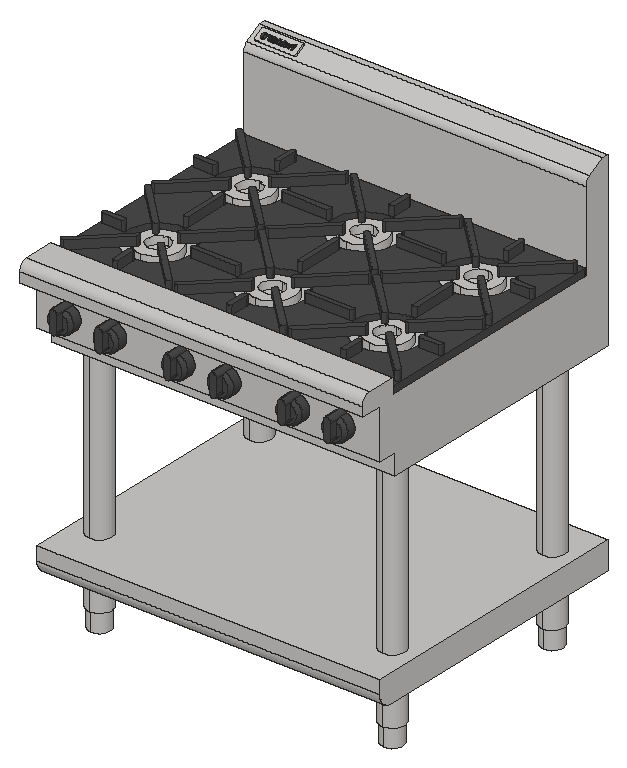
Revit family "QF_MOFFAT WALDORF_RN8600G-LS", category Specialty Equipment, Revit 2012
Parameters
  Weight in Pounds = 284.396
  URL Cutsheet = "www.moffat.com"
  URL = "www.moffat.com"
  Type Mark [instance] = ""
  Status [instance] = ""
  Specification by User [instance] = ""
  Specification by Manufacturer = ""
  Show Logo [instance] = yes
  Show Casters [instance] = no
  Serial Number = ""
  Seismic Rating = ""
  SMACNA No = ""
  Revision Code [instance] = ""
  Omniclass Number and Title = ""
  NAFEM Spec ID Number = ""
  Model = "RN8600G-LS"
  Mechanical Remarks [instance] = ""
  Mechanical Connection Type [instance] = ""
  Masterspec = ""
  Manufacturer = "MOFFAT WALDORF"
  Legs [instance] = not(Show Casters)  # yes
  Item Number [instance] = ""
  Installed By [instance] = ""
  Identify Quantity as Lot [instance] = yes
  Gas Size = 3/4"
  Gas RI Height [instance] = 0.0 mm
  Gas KW [instance] = 46.6
  Gas Input [instance] = 159233.0 Btu/h
  Gas Connection Height = 0.0 mm
  Furnished By [instance] = ""
  Foodservice Equipment Identifier [instance] = yes
  Description = "COOK TOP GAS ON LEG STAND"
  CSI MasterFormat = ""
  CSI Master Format = ""
  Body Height [instance] = 915.0 mm
  Base Height [instance] = 150.0 mm
Reference planes
  plane 1 "BACK": y = 0
  plane 2: z = 0
  plane 3 "LEFT": x = 0
  plane 4 "RIGHT": x = 900
  plane 5 "FRONT": y = -805
  plane 6 "TOP": z = 1130
  plane 7 "Center Y": x = 450
  plane 8 "Center X": y = -402.5
  plane 9 "Base Height": z = 150
  plane 10: z = 915
  plane 11: x = 65.8
  plane 12: x = 65
  plane 13: x = 835
Forms (mm)
  Extrusion 1, solid, material "QF_Finishes_Stainless Steel"
    sketch origin (0, 0, 600) x (0, 1, 0) y (0, 0, 1)
      loop
        line (-805, 291) -> (-805, 266) -> (-749, 266) -> (-749, 135) -> (-699, 135) -> (-699, 80) -> (0, 80) -> (0, 135) -> (0, 530) -> (-16.5, 530) -> (-58.709, 505.631)
        arc (-58.709, 505.631) -> (-66.975, 497.365) -> (-70, 486.074) r 22.582
        line (-70, 486.074) -> (-70, 275) -> (-705, 275) -> (-705, 315) -> (-781, 315)
        arc (-781, 315) -> (-797.971, 307.971) -> (-805, 291) r 24
      loop
        line (0, -377.5) -> (-749, -377.5) -> (-749, -412)
        arc (-749, -412) -> (-737.87, -438.87) -> (-711, -450) r 38
        line (-711, -450) -> (0, -450) -> (0, -377.5)
    from 0 to 900
  Revolve 2, solid, material "QF_Finishes_Black"
    sketch origin (210, 0, 600) x (0, -1, 0) y (0, 0, 1)
      loop
        line (782, 229.605) -> (759, 229.605) -> (759, 202.105) -> (749, 202.105) -> (749, 197.105) -> (793, 197.105) -> (793, 223.757) -> (782, 229.605)
      axis (793, 197.105) -> (749, 197.105)
    angle from 0 to 360
  Extrusion 3, solid, material "QF_Finishes_Black"
    sketch origin (-78.431, 0, 496.003) x (1, 0, 0) y (0, 0, 1)
      loop
        line (298.431, 289) -> (298.431, 327.997)
        arc (298.431, 327.997) -> (288.431, 337.997) -> (278.431, 327.997) r 10
        line (278.431, 327.997) -> (278.431, 289)
        arc (278.431, 289) -> (288.431, 279) -> (298.431, 289) r 10
    from 759 to 808
  Extrusion 4, solid, material "QF_Finishes_Stainless Steel"
    sketch origin (705, 3, 100) x (1, 0, 0) y (0, 1, 0)
      loop
        circle (65, -35) r 13.5
    from 555 to 580
  Revolve 5, solid, material "QF_Finishes_Black"
    sketch origin (89.999, 0, 599.873) x (0, 1, 0) y (0, 0, -1)
      loop
        line (-782, -229.5) -> (-759, -229.5) -> (-759, -202) -> (-749, -202) -> (-749, -197) -> (-793, -197) -> (-793, -223.651) -> (-782, -229.5)
      axis (-793, -197) -> (-749, -197)
    angle from 0 to 360
  Extrusion 6, solid, material "QF_Finishes_Black"
    sketch origin (228.269, 0, 600.031) x (-1, 0, 0) y (0, 0, -1)
      loop
        arc (148.269, -184.969) -> (138.269, -174.969) -> (128.269, -184.969) r 10
        line (128.269, -184.969) -> (128.269, -223.969)
        arc (128.269, -223.969) -> (138.269, -233.969) -> (148.269, -223.969) r 10
        line (148.269, -223.969) -> (148.269, -184.969)
    from 759 to 808
  Extrusion 7, solid, material "QF_Finishes_Black"
    sketch origin (0, -70, 875) x (0, -1, 0) y (1, 0, 0)
      loop
        arc (1, 4) -> (1.879, 1.879) -> (4, 1) r 3
        line (4, 1) -> (631, 1)
        arc (631, 1) -> (633.121, 1.879) -> (634, 4) r 3
        line (634, 4) -> (634, 896)
        arc (634, 896) -> (633.121, 898.121) -> (631, 899) r 3
        line (631, 899) -> (4, 899)
        arc (4, 899) -> (1.879, 898.121) -> (1, 896) r 3
        line (1, 896) -> (1, 4)
      loop
        circle (167.5, 150) r 84.082
      loop
        circle (467.5, 150) r 84.082
      loop
        circle (467.5, 750) r 84.082
      loop
        circle (167.5, 750) r 84.082
      loop
        circle (167.5, 450) r 84.082
      loop
        circle (467.5, 450) r 84.082
    from 0 to 19.5
  Extrusion 8, solid, material "QF_Finishes_Black"
    sketch origin (0, -70, 894.5) x (0, -1, 0) y (1, 0, 0)
      loop
        spline (323.602, 15.153) -> (322.681, 13.924) -> (322.131, 12.47) -> (321.99, 10.89) -> (322.267, 9.292) -> (322.943, 7.786) -> (323.973, 6.473) -> (325.286, 5.443) -> (326.792, 4.767) -> (328.39, 4.49) -> (329.97, 4.631) -> (331.424, 5.181) -> (332.653, 6.102)
        line (332.653, 6.102) -> (440.576, 114.025)
        spline (440.576, 114.025) -> (441.337, 115.095) -> (441.738, 116.399) -> (441.751, 117.851) -> (441.375, 119.35) -> (440.637, 120.795) -> (439.586, 122.086) -> (438.295, 123.137) -> (436.85, 123.875) -> (435.351, 124.251) -> (433.899, 124.238) -> (432.595, 123.837) -> (431.525, 123.076)
        line (431.525, 123.076) -> (323.602, 15.153)
      loop
        spline (259.398, 156.4) -> (258.104, 156.182) -> (256.898, 155.543) -> (255.862, 154.525) -> (255.068, 153.2) -> (254.568, 151.656) -> (254.398, 150) -> (254.568, 148.344) -> (255.068, 146.8) -> (255.862, 145.475) -> (256.898, 144.457) -> (258.104, 143.818) -> (259.398, 143.6)
        line (259.398, 143.6) -> (375.602, 143.6)
        spline (375.602, 143.6) -> (376.896, 143.818) -> (378.102, 144.457) -> (379.138, 145.475) -> (379.932, 146.8) -> (380.432, 148.344) -> (380.602, 150) -> (380.432, 151.656) -> (379.932, 153.2) -> (379.138, 154.525) -> (378.102, 155.543) -> (376.896, 156.182) -> (375.602, 156.4)
        line (375.602, 156.4) -> (259.398, 156.4)
      loop
        spline (608.602, 143.6) -> (609.896, 143.818) -> (611.102, 144.457) -> (612.138, 145.475) -> (612.932, 146.8) -> (613.432, 148.344) -> (613.602, 150) -> (613.432, 151.656) -> (612.932, 153.2) -> (612.138, 154.525) -> (611.102, 155.543) -> (609.896, 156.182) -> (608.602, 156.4)
        line (608.602, 156.4) -> (559.398, 156.4)
        spline (559.398, 156.4) -> (558.104, 156.182) -> (556.898, 155.543) -> (555.862, 154.525) -> (555.068, 153.2) -> (554.568, 151.656) -> (554.398, 150) -> (554.568, 148.344) -> (555.068, 146.8) -> (555.862, 145.475) -> (556.898, 144.457) -> (558.104, 143.818) -> (559.398, 143.6)
        line (559.398, 143.6) -> (608.602, 143.6)
      loop
        line (611.398, 15.153) -> (503.475, 123.076)
        spline (503.475, 123.076) -> (502.405, 123.837) -> (501.101, 124.238) -> (499.649, 124.251) -> (498.15, 123.875) -> (496.705, 123.137) -> (495.414, 122.086) -> (494.363, 120.795) -> (493.625, 119.35) -> (493.249, 117.851) -> (493.262, 116.399) -> (493.663, 115.095) -> (494.424, 114.025)
        line (494.424, 114.025) -> (602.347, 6.102)
        spline (602.347, 6.102) -> (603.416, 5.341) -> (604.721, 4.941) -> (606.172, 4.928) -> (607.671, 5.303) -> (609.116, 6.041) -> (610.408, 7.092) -> (611.459, 8.384) -> (612.197, 9.829) -> (612.572, 11.328) -> (612.559, 12.779) -> (612.159, 14.084) -> (611.398, 15.153)
      loop
        line (473.9, 8.898) -> (473.9, 58.102)
        spline (473.9, 58.102) -> (473.682, 59.396) -> (473.043, 60.602) -> (472.025, 61.638) -> (470.7, 62.432) -> (469.156, 62.932) -> (467.5, 63.102) -> (465.844, 62.932) -> (464.3, 62.432) -> (462.975, 61.638) -> (461.957, 60.602) -> (461.318, 59.396) -> (461.1, 58.102)
        line (461.1, 58.102) -> (461.1, 8.898)
        spline (461.1, 8.898) -> (461.318, 7.604) -> (461.957, 6.398) -> (462.975, 5.362) -> (464.3, 4.568) -> (465.844, 4.068) -> (467.5, 3.898) -> (469.156, 4.068) -> (470.7, 4.568) -> (472.025, 5.362) -> (473.043, 6.398) -> (473.682, 7.604) -> (473.9, 8.898)
      loop
        spline (23.602, 15.153) -> (22.681, 13.924) -> (22.131, 12.47) -> (21.99, 10.89) -> (22.267, 9.292) -> (22.943, 7.786) -> (23.973, 6.473) -> (25.286, 5.443) -> (26.792, 4.767) -> (28.39, 4.49) -> (29.97, 4.631) -> (31.424, 5.181) -> (32.653, 6.102)
        line (32.653, 6.102) -> (140.576, 114.025)
        spline (140.576, 114.025) -> (141.337, 115.095) -> (141.738, 116.399) -> (141.751, 117.851) -> (141.375, 119.35) -> (140.637, 120.795) -> (139.586, 122.086) -> (138.295, 123.137) -> (136.85, 123.875) -> (135.351, 124.251) -> (133.899, 124.238) -> (132.595, 123.837) -> (131.525, 123.076)
        line (131.525, 123.076) -> (23.602, 15.153)
      loop
        spline (26.398, 156.4) -> (25.104, 156.182) -> (23.898, 155.543) -> (22.862, 154.525) -> (22.068, 153.2) -> (21.568, 151.656) -> (21.398, 150) -> (21.568, 148.344) -> (22.068, 146.8) -> (22.862, 145.475) -> (23.898, 144.457) -> (25.104, 143.818) -> (26.398, 143.6)
        line (26.398, 143.6) -> (75.602, 143.6)
        spline (75.602, 143.6) -> (76.896, 143.818) -> (78.102, 144.457) -> (79.138, 145.475) -> (79.932, 146.8) -> (80.432, 148.344) -> (80.602, 150) -> (80.432, 151.656) -> (79.932, 153.2) -> (79.138, 154.525) -> (78.102, 155.543) -> (76.896, 156.182) -> (75.602, 156.4)
        line (75.602, 156.4) -> (26.398, 156.4)
      loop
        line (311.398, 15.153) -> (203.475, 123.076)
        spline (203.475, 123.076) -> (202.405, 123.837) -> (201.101, 124.238) -> (199.649, 124.251) -> (198.15, 123.875) -> (196.705, 123.137) -> (195.414, 122.086) -> (194.363, 120.795) -> (193.625, 119.35) -> (193.249, 117.851) -> (193.262, 116.399) -> (193.663, 115.095) -> (194.424, 114.025)
        line (194.424, 114.025) -> (302.347, 6.102)
        spline (302.347, 6.102) -> (303.416, 5.341) -> (304.721, 4.941) -> (306.172, 4.928) -> (307.671, 5.303) -> (309.116, 6.041) -> (310.408, 7.092) -> (311.459, 8.384) -> (312.197, 9.829) -> (312.572, 11.328) -> (312.559, 12.779) -> (312.159, 14.084) -> (311.398, 15.153)
      loop
        line (173.9, 8.898) -> (173.9, 58.102)
        spline (173.9, 58.102) -> (173.682, 59.396) -> (173.043, 60.602) -> (172.025, 61.638) -> (170.7, 62.432) -> (169.156, 62.932) -> (167.5, 63.102) -> (165.844, 62.932) -> (164.3, 62.432) -> (162.975, 61.638) -> (161.957, 60.602) -> (161.318, 59.396) -> (161.1, 58.102)
        line (161.1, 58.102) -> (161.1, 8.898)
        spline (161.1, 8.898) -> (161.318, 7.604) -> (161.957, 6.398) -> (162.975, 5.362) -> (164.3, 4.568) -> (165.844, 4.068) -> (167.5, 3.898) -> (169.156, 4.068) -> (170.7, 4.568) -> (172.025, 5.362) -> (173.043, 6.398) -> (173.682, 7.604) -> (173.9, 8.898)
      loop
        line (323.602, 284.847) -> (431.525, 176.924)
        spline (431.525, 176.924) -> (432.595, 176.163) -> (433.899, 175.762) -> (435.351, 175.749) -> (436.85, 176.125) -> (438.295, 176.863) -> (439.586, 177.914) -> (440.637, 179.205) -> (441.375, 180.65) -> (441.751, 182.149) -> (441.738, 183.601) -> (441.337, 184.905) -> (440.576, 185.975)
        line (440.576, 185.975) -> (332.653, 293.898)
        spline (332.653, 293.898) -> (331.424, 294.819) -> (329.97, 295.369) -> (328.39, 295.51) -> (326.792, 295.233) -> (325.286, 294.557) -> (323.973, 293.527) -> (322.943, 292.214) -> (322.267, 290.708) -> (321.99, 289.11) -> (322.131, 287.53) -> (322.681, 286.076) -> (323.602, 284.847)
      loop
        spline (611.398, 284.847) -> (612.159, 285.916) -> (612.559, 287.221) -> (612.572, 288.672) -> (612.197, 290.171) -> (611.459, 291.616) -> (610.408, 292.908) -> (609.116, 293.959) -> (607.671, 294.697) -> (606.172, 295.072) -> (604.721, 295.059) -> (603.416, 294.659) -> (602.347, 293.898)
        line (602.347, 293.898) -> (494.424, 185.975)
        spline (494.424, 185.975) -> (493.663, 184.905) -> (493.262, 183.601) -> (493.249, 182.149) -> (493.625, 180.65) -> (494.363, 179.205) -> (495.414, 177.914) -> (496.705, 176.863) -> (498.15, 176.125) -> (499.649, 175.749) -> (501.101, 175.762) -> (502.405, 176.163) -> (503.475, 176.924)
        line (503.475, 176.924) -> (611.398, 284.847)
      loop
        spline (461.1, 241.898) -> (461.318, 240.604) -> (461.957, 239.398) -> (462.975, 238.362) -> (464.3, 237.568) -> (465.844, 237.068) -> (467.5, 236.898) -> (469.156, 237.068) -> (470.7, 237.568) -> (472.025, 238.362) -> (473.043, 239.398) -> (473.682, 240.604) -> (473.9, 241.898)
        line (473.9, 241.898) -> (473.9, 358.102)
        spline (473.9, 358.102) -> (473.682, 359.396) -> (473.043, 360.602) -> (472.025, 361.638) -> (470.7, 362.432) -> (469.156, 362.932) -> (467.5, 363.102) -> (465.844, 362.932) -> (464.3, 362.432) -> (462.975, 361.638) -> (461.957, 360.602) -> (461.318, 359.396) -> (461.1, 358.102)
        line (461.1, 358.102) -> (461.1, 241.898)
      loop
        line (23.602, 284.847) -> (131.525, 176.924)
        spline (131.525, 176.924) -> (132.595, 176.163) -> (133.899, 175.762) -> (135.351, 175.749) -> (136.85, 176.125) -> (138.295, 176.863) -> (139.586, 177.914) -> (140.637, 179.205) -> (141.375, 180.65) -> (141.751, 182.149) -> (141.738, 183.601) -> (141.337, 184.905) -> (140.576, 185.975)
        line (140.576, 185.975) -> (32.653, 293.898)
        spline (32.653, 293.898) -> (31.424, 294.819) -> (29.97, 295.369) -> (28.39, 295.51) -> (26.792, 295.233) -> (25.286, 294.557) -> (23.973, 293.527) -> (22.943, 292.214) -> (22.267, 290.708) -> (21.99, 289.11) -> (22.131, 287.53) -> (22.681, 286.076) -> (23.602, 284.847)
      loop
        spline (311.398, 284.847) -> (312.159, 285.916) -> (312.559, 287.221) -> (312.572, 288.672) -> (312.197, 290.171) -> (311.459, 291.616) -> (310.408, 292.908) -> (309.116, 293.959) -> (307.671, 294.697) -> (306.172, 295.072) -> (304.721, 295.059) -> (303.416, 294.659) -> (302.347, 293.898)
        line (302.347, 293.898) -> (194.424, 185.975)
        spline (194.424, 185.975) -> (193.663, 184.905) -> (193.262, 183.601) -> (193.249, 182.149) -> (193.625, 180.65) -> (194.363, 179.205) -> (195.414, 177.914) -> (196.705, 176.863) -> (198.15, 176.125) -> (199.649, 175.749) -> (201.101, 175.762) -> (202.405, 176.163) -> (203.475, 176.924)
        line (203.475, 176.924) -> (311.398, 284.847)
      loop
        spline (173.9, 358.102) -> (173.682, 359.396) -> (173.043, 360.602) -> (172.025, 361.638) -> (170.7, 362.432) -> (169.156, 362.932) -> (167.5, 363.102) -> (165.844, 362.932) -> (164.3, 362.432) -> (162.975, 361.638) -> (161.957, 360.602) -> (161.318, 359.396) -> (161.1, 358.102)
        line (161.1, 358.102) -> (161.1, 241.898)
        spline (161.1, 241.898) -> (161.318, 240.604) -> (161.957, 239.398) -> (162.975, 238.362) -> (164.3, 237.568) -> (165.844, 237.068) -> (167.5, 236.898) -> (169.156, 237.068) -> (170.7, 237.568) -> (172.025, 238.362) -> (173.043, 239.398) -> (173.682, 240.604) -> (173.9, 241.898)
        line (173.9, 241.898) -> (173.9, 358.102)
      loop
        spline (323.602, 315.153) -> (322.681, 313.924) -> (322.131, 312.47) -> (321.99, 310.89) -> (322.267, 309.292) -> (322.943, 307.786) -> (323.973, 306.473) -> (325.286, 305.443) -> (326.792, 304.767) -> (328.39, 304.49) -> (329.97, 304.631) -> (331.424, 305.181) -> (332.653, 306.102)
        line (332.653, 306.102) -> (440.576, 414.025)
        spline (440.576, 414.025) -> (441.337, 415.095) -> (441.738, 416.399) -> (441.751, 417.851) -> (441.375, 419.35) -> (440.637, 420.795) -> (439.586, 422.086) -> (438.295, 423.137) -> (436.85, 423.875) -> (435.351, 424.251) -> (433.899, 424.238) -> (432.595, 423.837) -> (431.525, 423.076)
        line (431.525, 423.076) -> (323.602, 315.153)
      loop
        spline (259.398, 456.4) -> (258.104, 456.182) -> (256.898, 455.543) -> (255.862, 454.525) -> (255.068, 453.2) -> (254.568, 451.656) -> (254.398, 450) -> (254.568, 448.344) -> (255.068, 446.8) -> (255.862, 445.475) -> (256.898, 444.457) -> (258.104, 443.818) -> (259.398, 443.6)
        line (259.398, 443.6) -> (375.602, 443.6)
        spline (375.602, 443.6) -> (376.896, 443.818) -> (378.102, 444.457) -> (379.138, 445.475) -> (379.932, 446.8) -> (380.432, 448.344) -> (380.602, 450) -> (380.432, 451.656) -> (379.932, 453.2) -> (379.138, 454.525) -> (378.102, 455.543) -> (376.896, 456.182) -> (375.602, 456.4)
        line (375.602, 456.4) -> (259.398, 456.4)
      loop
        spline (608.602, 443.6) -> (609.896, 443.818) -> (611.102, 444.457) -> (612.138, 445.475) -> (612.932, 446.8) -> (613.432, 448.344) -> (613.602, 450) -> (613.432, 451.656) -> (612.932, 453.2) -> (612.138, 454.525) -> (611.102, 455.543) -> (609.896, 456.182) -> (608.602, 456.4)
        line (608.602, 456.4) -> (559.398, 456.4)
        spline (559.398, 456.4) -> (558.104, 456.182) -> (556.898, 455.543) -> (555.862, 454.525) -> (555.068, 453.2) -> (554.568, 451.656) -> (554.398, 450) -> (554.568, 448.344) -> (555.068, 446.8) -> (555.862, 445.475) -> (556.898, 444.457) -> (558.104, 443.818) -> (559.398, 443.6)
        line (559.398, 443.6) -> (608.602, 443.6)
      loop
        line (611.398, 315.153) -> (503.475, 423.076)
        spline (503.475, 423.076) -> (502.405, 423.837) -> (501.101, 424.238) -> (499.649, 424.251) -> (498.15, 423.875) -> (496.705, 423.137) -> (495.414, 422.086) -> (494.363, 420.795) -> (493.625, 419.35) -> (493.249, 417.851) -> (493.262, 416.399) -> (493.663, 415.095) -> (494.424, 414.025)
        line (494.424, 414.025) -> (602.347, 306.102)
        spline (602.347, 306.102) -> (603.416, 305.341) -> (604.721, 304.941) -> (606.172, 304.928) -> (607.671, 305.303) -> (609.116, 306.041) -> (610.408, 307.092) -> (611.459, 308.384) -> (612.197, 309.829) -> (612.572, 311.328) -> (612.559, 312.779) -> (612.159, 314.084) -> (611.398, 315.153)
      loop
        spline (23.602, 315.153) -> (22.681, 313.924) -> (22.131, 312.47) -> (21.99, 310.89) -> (22.267, 309.292) -> (22.943, 307.786) -> (23.973, 306.473) -> (25.286, 305.443) -> (26.792, 304.767) -> (28.39, 304.49) -> (29.97, 304.631) -> (31.424, 305.181) -> (32.653, 306.102)
        line (32.653, 306.102) -> (140.576, 414.025)
        spline (140.576, 414.025) -> (141.337, 415.095) -> (141.738, 416.399) -> (141.751, 417.851) -> (141.375, 419.35) -> (140.637, 420.795) -> (139.586, 422.086) -> (138.295, 423.137) -> (136.85, 423.875) -> (135.351, 424.251) -> (133.899, 424.238) -> (132.595, 423.837) -> (131.525, 423.076)
        line (131.525, 423.076) -> (23.602, 315.153)
      loop
        spline (26.398, 456.4) -> (25.104, 456.182) -> (23.898, 455.543) -> (22.862, 454.525) -> (22.068, 453.2) -> (21.568, 451.656) -> (21.398, 450) -> (21.568, 448.344) -> (22.068, 446.8) -> (22.862, 445.475) -> (23.898, 444.457) -> (25.104, 443.818) -> (26.398, 443.6)
        line (26.398, 443.6) -> (75.602, 443.6)
        spline (75.602, 443.6) -> (76.896, 443.818) -> (78.102, 444.457) -> (79.138, 445.475) -> (79.932, 446.8) -> (80.432, 448.344) -> (80.602, 450) -> (80.432, 451.656) -> (79.932, 453.2) -> (79.138, 454.525) -> (78.102, 455.543) -> (76.896, 456.182) -> (75.602, 456.4)
        line (75.602, 456.4) -> (26.398, 456.4)
      loop
        line (311.398, 315.153) -> (203.475, 423.076)
        spline (203.475, 423.076) -> (202.405, 423.837) -> (201.101, 424.238) -> (199.649, 424.251) -> (198.15, 423.875) -> (196.705, 423.137) -> (195.414, 422.086) -> (194.363, 420.795) -> (193.625, 419.35) -> (193.249, 417.851) -> (193.262, 416.399) -> (193.663, 415.095) -> (194.424, 414.025)
        line (194.424, 414.025) -> (302.347, 306.102)
        spline (302.347, 306.102) -> (303.416, 305.341) -> (304.721, 304.941) -> (306.172, 304.928) -> (307.671, 305.303) -> (309.116, 306.041) -> (310.408, 307.092) -> (311.459, 308.384) -> (312.197, 309.829) -> (312.572, 311.328) -> (312.559, 312.779) -> (312.159, 314.084) -> (311.398, 315.153)
      loop
        line (323.602, 584.847) -> (431.525, 476.924)
        spline (431.525, 476.924) -> (432.595, 476.163) -> (433.899, 475.762) -> (435.351, 475.749) -> (436.85, 476.125) -> (438.295, 476.863) -> (439.586, 477.914) -> (440.637, 479.205) -> (441.375, 480.65) -> (441.751, 482.149) -> (441.738, 483.601) -> (441.337, 484.905) -> (440.576, 485.975)
        line (440.576, 485.975) -> (332.653, 593.898)
        spline (332.653, 593.898) -> (331.424, 594.819) -> (329.97, 595.369) -> (328.39, 595.51) -> (326.792, 595.233) -> (325.286, 594.557) -> (323.973, 593.527) -> (322.943, 592.214) -> (322.267, 590.708) -> (321.99, 589.11) -> (322.131, 587.53) -> (322.681, 586.076) -> (323.602, 584.847)
      loop
        spline (611.398, 584.847) -> (612.159, 585.916) -> (612.559, 587.221) -> (612.572, 588.672) -> (612.197, 590.171) -> (611.459, 591.616) -> (610.408, 592.908) -> (609.116, 593.959) -> (607.671, 594.697) -> (606.172, 595.072) -> (604.721, 595.059) -> (603.416, 594.659) -> (602.347, 593.898)
        line (602.347, 593.898) -> (494.424, 485.975)
        spline (494.424, 485.975) -> (493.663, 484.905) -> (493.262, 483.601) -> (493.249, 482.149) -> (493.625, 480.65) -> (494.363, 479.205) -> (495.414, 477.914) -> (496.705, 476.863) -> (498.15, 476.125) -> (499.649, 475.749) -> (501.101, 475.762) -> (502.405, 476.163) -> (503.475, 476.924)
        line (503.475, 476.924) -> (611.398, 584.847)
      loop
        spline (473.9, 658.102) -> (473.682, 659.396) -> (473.043, 660.602) -> (472.025, 661.638) -> (470.7, 662.432) -> (469.156, 662.932) -> (467.5, 663.102) -> (465.844, 662.932) -> (464.3, 662.432) -> (462.975, 661.638) -> (461.957, 660.602) -> (461.318, 659.396) -> (461.1, 658.102)
        line (461.1, 658.102) -> (461.1, 541.898)
        spline (461.1, 541.898) -> (461.318, 540.604) -> (461.957, 539.398) -> (462.975, 538.362) -> (464.3, 537.568) -> (465.844, 537.068) -> (467.5, 536.898) -> (469.156, 537.068) -> (470.7, 537.568) -> (472.025, 538.362) -> (473.043, 539.398) -> (473.682, 540.604) -> (473.9, 541.898)
        line (473.9, 541.898) -> (473.9, 658.102)
      loop
        line (23.602, 584.847) -> (131.525, 476.924)
        spline (131.525, 476.924) -> (132.595, 476.163) -> (133.899, 475.762) -> (135.351, 475.749) -> (136.85, 476.125) -> (138.295, 476.863) -> (139.586, 477.914) -> (140.637, 479.205) -> (141.375, 480.65) -> (141.751, 482.149) -> (141.738, 483.601) -> (141.337, 484.905) -> (140.576, 485.975)
        line (140.576, 485.975) -> (32.653, 593.898)
        spline (32.653, 593.898) -> (31.424, 594.819) -> (29.97, 595.369) -> (28.39, 595.51) -> (26.792, 595.233) -> (25.286, 594.557) -> (23.973, 593.527) -> (22.943, 592.214) -> (22.267, 590.708) -> (21.99, 589.11) -> (22.131, 587.53) -> (22.681, 586.076) -> (23.602, 584.847)
      loop
        spline (311.398, 584.847) -> (312.159, 585.916) -> (312.559, 587.221) -> (312.572, 588.672) -> (312.197, 590.171) -> (311.459, 591.616) -> (310.408, 592.908) -> (309.116, 593.959) -> (307.671, 594.697) -> (306.172, 595.072) -> (304.721, 595.059) -> (303.416, 594.659) -> (302.347, 593.898)
        line (302.347, 593.898) -> (194.424, 485.975)
        spline (194.424, 485.975) -> (193.663, 484.905) -> (193.262, 483.601) -> (193.249, 482.149) -> (193.625, 480.65) -> (194.363, 479.205) -> (195.414, 477.914) -> (196.705, 476.863) -> (198.15, 476.125) -> (199.649, 475.749) -> (201.101, 475.762) -> (202.405, 476.163) -> (203.475, 476.924)
        line (203.475, 476.924) -> (311.398, 584.847)
      loop
        spline (173.9, 658.102) -> (173.682, 659.396) -> (173.043, 660.602) -> (172.025, 661.638) -> (170.7, 662.432) -> (169.156, 662.932) -> (167.5, 663.102) -> (165.844, 662.932) -> (164.3, 662.432) -> (162.975, 661.638) -> (161.957, 660.602) -> (161.318, 659.396) -> (161.1, 658.102)
        line (161.1, 658.102) -> (161.1, 541.898)
        spline (161.1, 541.898) -> (161.318, 540.604) -> (161.957, 539.398) -> (162.975, 538.362) -> (164.3, 537.568) -> (165.844, 537.068) -> (167.5, 536.898) -> (169.156, 537.068) -> (170.7, 537.568) -> (172.025, 538.362) -> (173.043, 539.398) -> (173.682, 540.604) -> (173.9, 541.898)
        line (173.9, 541.898) -> (173.9, 658.102)
      loop
        spline (323.602, 615.153) -> (322.681, 613.924) -> (322.131, 612.47) -> (321.99, 610.89) -> (322.267, 609.292) -> (322.943, 607.786) -> (323.973, 606.473) -> (325.286, 605.443) -> (326.792, 604.767) -> (328.39, 604.49) -> (329.97, 604.631) -> (331.424, 605.181) -> (332.653, 606.102)
        line (332.653, 606.102) -> (440.576, 714.025)
        spline (440.576, 714.025) -> (441.337, 715.095) -> (441.738, 716.399) -> (441.751, 717.851) -> (441.375, 719.35) -> (440.637, 720.795) -> (439.586, 722.086) -> (438.295, 723.137) -> (436.85, 723.875) -> (435.351, 724.251) -> (433.899, 724.238) -> (432.595, 723.837) -> (431.525, 723.076)
        line (431.525, 723.076) -> (323.602, 615.153)
      loop
        spline (259.398, 756.4) -> (258.104, 756.182) -> (256.898, 755.543) -> (255.862, 754.525) -> (255.068, 753.2) -> (254.568, 751.656) -> (254.398, 750) -> (254.568, 748.344) -> (255.068, 746.8) -> (255.862, 745.475) -> (256.898, 744.457) -> (258.104, 743.818) -> (259.398, 743.6)
        line (259.398, 743.6) -> (375.602, 743.6)
        spline (375.602, 743.6) -> (376.896, 743.818) -> (378.102, 744.457) -> (379.138, 745.475) -> (379.932, 746.8) -> (380.432, 748.344) -> (380.602, 750) -> (380.432, 751.656) -> (379.932, 753.2) -> (379.138, 754.525) -> (378.102, 755.543) -> (376.896, 756.182) -> (375.602, 756.4)
        line (375.602, 756.4) -> (259.398, 756.4)
      loop
        spline (608.602, 743.6) -> (609.896, 743.818) -> (611.102, 744.457) -> (612.138, 745.475) -> (612.932, 746.8) -> (613.432, 748.344) -> (613.602, 750) -> (613.432, 751.656) -> (612.932, 753.2) -> (612.138, 754.525) -> (611.102, 755.543) -> (609.896, 756.182) -> (608.602, 756.4)
        line (608.602, 756.4) -> (559.398, 756.4)
        spline (559.398, 756.4) -> (558.104, 756.182) -> (556.898, 755.543) -> (555.862, 754.525) -> (555.068, 753.2) -> (554.568, 751.656) -> (554.398, 750) -> (554.568, 748.344) -> (555.068, 746.8) -> (555.862, 745.475) -> (556.898, 744.457) -> (558.104, 743.818) -> (559.398, 743.6)
        line (559.398, 743.6) -> (608.602, 743.6)
      loop
        line (611.398, 615.153) -> (503.475, 723.076)
        spline (503.475, 723.076) -> (502.405, 723.837) -> (501.101, 724.238) -> (499.649, 724.251) -> (498.15, 723.875) -> (496.705, 723.137) -> (495.414, 722.086) -> (494.363, 720.795) -> (493.625, 719.35) -> (493.249, 717.851) -> (493.262, 716.399) -> (493.663, 715.095) -> (494.424, 714.025)
        line (494.424, 714.025) -> (602.347, 606.102)
        spline (602.347, 606.102) -> (603.416, 605.341) -> (604.721, 604.941) -> (606.172, 604.928) -> (607.671, 605.303) -> (609.116, 606.041) -> (610.408, 607.092) -> (611.459, 608.384) -> (612.197, 609.829) -> (612.572, 611.328) -> (612.559, 612.779) -> (612.159, 614.084) -> (611.398, 615.153)
      loop
        spline (23.602, 615.153) -> (22.681, 613.924) -> (22.131, 612.47) -> (21.99, 610.89) -> (22.267, 609.292) -> (22.943, 607.786) -> (23.973, 606.473) -> (25.286, 605.443) -> (26.792, 604.767) -> (28.39, 604.49) -> (29.97, 604.631) -> (31.424, 605.181) -> (32.653, 606.102)
        line (32.653, 606.102) -> (140.576, 714.025)
        spline (140.576, 714.025) -> (141.337, 715.095) -> (141.738, 716.399) -> (141.751, 717.851) -> (141.375, 719.35) -> (140.637, 720.795) -> (139.586, 722.086) -> (138.295, 723.137) -> (136.85, 723.875) -> (135.351, 724.251) -> (133.899, 724.238) -> (132.595, 723.837) -> (131.525, 723.076)
        line (131.525, 723.076) -> (23.602, 615.153)
      loop
        spline (26.398, 756.4) -> (25.104, 756.182) -> (23.898, 755.543) -> (22.862, 754.525) -> (22.068, 753.2) -> (21.568, 751.656) -> (21.398, 750) -> (21.568, 748.344) -> (22.068, 746.8) -> (22.862, 745.475) -> (23.898, 744.457) -> (25.104, 743.818) -> (26.398, 743.6)
        line (26.398, 743.6) -> (75.602, 743.6)
        spline (75.602, 743.6) -> (76.896, 743.818) -> (78.102, 744.457) -> (79.138, 745.475) -> (79.932, 746.8) -> (80.432, 748.344) -> (80.602, 750) -> (80.432, 751.656) -> (79.932, 753.2) -> (79.138, 754.525) -> (78.102, 755.543) -> (76.896, 756.182) -> (75.602, 756.4)
        line (75.602, 756.4) -> (26.398, 756.4)
      loop
        line (311.398, 615.153) -> (203.475, 723.076)
        spline (203.475, 723.076) -> (202.405, 723.837) -> (201.101, 724.238) -> (199.649, 724.251) -> (198.15, 723.875) -> (196.705, 723.137) -> (195.414, 722.086) -> (194.363, 720.795) -> (193.625, 719.35) -> (193.249, 717.851) -> (193.262, 716.399) -> (193.663, 715.095) -> (194.424, 714.025)
        line (194.424, 714.025) -> (302.347, 606.102)
        spline (302.347, 606.102) -> (303.416, 605.341) -> (304.721, 604.941) -> (306.172, 604.928) -> (307.671, 605.303) -> (309.116, 606.041) -> (310.408, 607.092) -> (311.459, 608.384) -> (312.197, 609.829) -> (312.572, 611.328) -> (312.559, 612.779) -> (312.159, 614.084) -> (311.398, 615.153)
      loop
        line (323.602, 884.847) -> (431.525, 776.924)
        spline (431.525, 776.924) -> (432.595, 776.163) -> (433.899, 775.762) -> (435.351, 775.749) -> (436.85, 776.125) -> (438.295, 776.863) -> (439.586, 777.914) -> (440.637, 779.205) -> (441.375, 780.65) -> (441.751, 782.149) -> (441.738, 783.601) -> (441.337, 784.905) -> (440.576, 785.975)
        line (440.576, 785.975) -> (332.653, 893.898)
        spline (332.653, 893.898) -> (331.424, 894.819) -> (329.97, 895.369) -> (328.39, 895.51) -> (326.792, 895.233) -> (325.286, 894.557) -> (323.973, 893.527) -> (322.943, 892.214) -> (322.267, 890.708) -> (321.99, 889.11) -> (322.131, 887.53) -> (322.681, 886.076) -> (323.602, 884.847)
      loop
        spline (611.398, 884.847) -> (612.159, 885.916) -> (612.559, 887.221) -> (612.572, 888.672) -> (612.197, 890.171) -> (611.459, 891.616) -> (610.408, 892.908) -> (609.116, 893.959) -> (607.671, 894.697) -> (606.172, 895.072) -> (604.721, 895.059) -> (603.416, 894.659) -> (602.347, 893.898)
        line (602.347, 893.898) -> (494.424, 785.975)
        spline (494.424, 785.975) -> (493.663, 784.905) -> (493.262, 783.601) -> (493.249, 782.149) -> (493.625, 780.65) -> (494.363, 779.205) -> (495.414, 777.914) -> (496.705, 776.863) -> (498.15, 776.125) -> (499.649, 775.749) -> (501.101, 775.762) -> (502.405, 776.163) -> (503.475, 776.924)
        line (503.475, 776.924) -> (611.398, 884.847)
      loop
        spline (473.9, 891.102) -> (473.682, 892.396) -> (473.043, 893.602) -> (472.025, 894.638) -> (470.7, 895.432) -> (469.156, 895.932) -> (467.5, 896.102) -> (465.844, 895.932) -> (464.3, 895.432) -> (462.975, 894.638) -> (461.957, 893.602) -> (461.318, 892.396) -> (461.1, 891.102)
        line (461.1, 891.102) -> (461.1, 841.898)
        spline (461.1, 841.898) -> (461.318, 840.604) -> (461.957, 839.398) -> (462.975, 838.362) -> (464.3, 837.568) -> (465.844, 837.068) -> (467.5, 836.898) -> (469.156, 837.068) -> (470.7, 837.568) -> (472.025, 838.362) -> (473.043, 839.398) -> (473.682, 840.604) -> (473.9, 841.898)
        line (473.9, 841.898) -> (473.9, 891.102)
      loop
        line (23.602, 884.847) -> (131.525, 776.924)
        spline (131.525, 776.924) -> (132.595, 776.163) -> (133.899, 775.762) -> (135.351, 775.749) -> (136.85, 776.125) -> (138.295, 776.863) -> (139.586, 777.914) -> (140.637, 779.205) -> (141.375, 780.65) -> (141.751, 782.149) -> (141.738, 783.601) -> (141.337, 784.905) -> (140.576, 785.975)
        line (140.576, 785.975) -> (32.653, 893.898)
        spline (32.653, 893.898) -> (31.424, 894.819) -> (29.97, 895.369) -> (28.39, 895.51) -> (26.792, 895.233) -> (25.286, 894.557) -> (23.973, 893.527) -> (22.943, 892.214) -> (22.267, 890.708) -> (21.99, 889.11) -> (22.131, 887.53) -> (22.681, 886.076) -> (23.602, 884.847)
      loop
        spline (311.398, 884.847) -> (312.159, 885.916) -> (312.559, 887.221) -> (312.572, 888.672) -> (312.197, 890.171) -> (311.459, 891.616) -> (310.408, 892.908) -> (309.116, 893.959) -> (307.671, 894.697) -> (306.172, 895.072) -> (304.721, 895.059) -> (303.416, 894.659) -> (302.347, 893.898)
        line (302.347, 893.898) -> (194.424, 785.975)
        spline (194.424, 785.975) -> (193.663, 784.905) -> (193.262, 783.601) -> (193.249, 782.149) -> (193.625, 780.65) -> (194.363, 779.205) -> (195.414, 777.914) -> (196.705, 776.863) -> (198.15, 776.125) -> (199.649, 775.749) -> (201.101, 775.762) -> (202.405, 776.163) -> (203.475, 776.924)
        line (203.475, 776.924) -> (311.398, 884.847)
      loop
        spline (173.9, 891.102) -> (173.682, 892.396) -> (173.043, 893.602) -> (172.025, 894.638) -> (170.7, 895.432) -> (169.156, 895.932) -> (167.5, 896.102) -> (165.844, 895.932) -> (164.3, 895.432) -> (162.975, 894.638) -> (161.957, 893.602) -> (161.318, 892.396) -> (161.1, 891.102)
        line (161.1, 891.102) -> (161.1, 841.898)
        spline (161.1, 841.898) -> (161.318, 840.604) -> (161.957, 839.398) -> (162.975, 838.362) -> (164.3, 837.568) -> (165.844, 837.068) -> (167.5, 836.898) -> (169.156, 837.068) -> (170.7, 837.568) -> (172.025, 838.362) -> (173.043, 839.398) -> (173.682, 840.604) -> (173.9, 841.898)
        line (173.9, 841.898) -> (173.9, 891.102)
    from 0 to 23.5
  Revolve 9, solid, material "QF_Finishes_Black"
    sketch origin (510, 0, 600) x (0, -1, 0) y (0, 0, 1)
      loop
        line (782, 229.605) -> (759, 229.605) -> (759, 202.105) -> (749, 202.105) -> (749, 197.105) -> (793, 197.105) -> (793, 223.757) -> (782, 229.605)
      axis (793, 197.105) -> (749, 197.105)
    angle from 0 to 360
  Extrusion 10, solid, material "QF_Finishes_Black"
    sketch origin (371.569, 0, 496.003) x (1, 0, 0) y (0, 0, 1)
      loop
        line (148.431, 289) -> (148.431, 327.997)
        arc (148.431, 327.997) -> (138.431, 337.997) -> (128.431, 327.997) r 10
        line (128.431, 327.997) -> (128.431, 289)
        arc (128.431, 289) -> (138.431, 279) -> (148.431, 289) r 10
    from 759 to 808
  Revolve 11, solid, material "QF_Finishes_Black"
    sketch origin (389.999, 0, 599.873) x (0, 1, 0) y (0, 0, -1)
      loop
        line (-782, -229.5) -> (-759, -229.5) -> (-759, -202) -> (-749, -202) -> (-749, -197) -> (-793, -197) -> (-793, -223.651) -> (-782, -229.5)
      axis (-793, -197) -> (-749, -197)
    angle from 0 to 360
  Extrusion 12, solid, material "QF_Finishes_Black"
    sketch origin (378.269, 0, 600.031) x (-1, 0, 0) y (0, 0, -1)
      loop
        arc (-1.731, -184.969) -> (-11.731, -174.969) -> (-21.731, -184.969) r 10
        line (-21.731, -184.969) -> (-21.731, -223.969)
        arc (-21.731, -223.969) -> (-11.731, -233.969) -> (-1.731, -223.969) r 10
        line (-1.731, -223.969) -> (-1.731, -184.969)
    from 759 to 808
  Revolve 13, solid, material "QF_Finishes_Black"
    sketch origin (810, 0, 600) x (0, -1, 0) y (0, 0, 1)
      loop
        line (782, 229.605) -> (759, 229.605) -> (759, 202.105) -> (749, 202.105) -> (749, 197.105) -> (793, 197.105) -> (793, 223.757) -> (782, 229.605)
      axis (793, 197.105) -> (749, 197.105)
    angle from 0 to 360
  Extrusion 14, solid, material "QF_Finishes_Black"
    sketch origin (671.569, 0, 496.003) x (1, 0, 0) y (0, 0, 1)
      loop
        line (148.431, 289) -> (148.431, 327.997)
        arc (148.431, 327.997) -> (138.431, 337.997) -> (128.431, 327.997) r 10
        line (128.431, 327.997) -> (128.431, 289)
        arc (128.431, 289) -> (138.431, 279) -> (148.431, 289) r 10
    from 759 to 808
  Revolve 15, solid, material "QF_Finishes_Black"
    sketch origin (689.999, 0, 599.873) x (0, 1, 0) y (0, 0, -1)
      loop
        line (-782, -229.5) -> (-759, -229.5) -> (-759, -202) -> (-749, -202) -> (-749, -197) -> (-793, -197) -> (-793, -223.651) -> (-782, -229.5)
      axis (-793, -197) -> (-749, -197)
    angle from 0 to 360
  Extrusion 16, solid, material "QF_Finishes_Black"
    sketch origin (678.269, 0, 600.031) x (-1, 0, 0) y (0, 0, -1)
      loop
        arc (-1.731, -184.969) -> (-11.731, -174.969) -> (-21.731, -184.969) r 10
        line (-21.731, -184.969) -> (-21.731, -223.969)
        arc (-21.731, -223.969) -> (-11.731, -233.969) -> (-1.731, -223.969) r 10
        line (-1.731, -223.969) -> (-1.731, -184.969)
    from 759 to 808
  Revolve 17, solid, material "QF_Finishes_Stainless Steel", visible <- "Legs"
    sketch origin (65, -165, 0) x (0, 1, 0) y (0, 0, 1)
      loop
        line (33.25, 150) -> (33.25, 50) -> (37.5, 50) -> (37.5, 0) -> (65, 0) -> (65, 150) -> (33.25, 150)
      axis (65, 150) -> (65, 0)
    angle from 0 to 360
  Revolve 18, solid, material "QF_Finishes_Stainless Steel"
    sketch origin (65, -735, 0) x (0, 1, 0) y (0, 0, 1)
      loop
        line (78.25, 150) -> (78.25, 50) -> (82.5, 50) -> (82.5, 0) -> (110, 0) -> (110, 150) -> (78.25, 150)
      axis (110, 150) -> (110, 0)
    angle from 0 to 360
  Revolve 19, solid, material "QF_Finishes_Stainless Steel", visible <- "Legs"
    sketch origin (835, -165, 0) x (0, 1, 0) y (0, 0, -1)
      loop
        line (33.25, -150) -> (65, -150) -> (65, 0) -> (37.5, 0) -> (37.5, -50) -> (33.25, -50) -> (33.25, -150)
      axis (65, -150) -> (65, 0)
    angle from 0 to 360
  Revolve 20, solid, material "QF_Finishes_Stainless Steel"
    sketch origin (835, -735, 0) x (0, 1, 0) y (0, 0, -1)
      loop
        line (78.25, -150) -> (110, -150) -> (110, 0) -> (82.5, 0) -> (82.5, -50) -> (78.25, -50) -> (78.25, -150)
      axis (110, -150) -> (110, 0)
    angle from 0 to 360
  Extrusion 21, solid, material "QF_Finishes_Stainless Steel"
    sketch origin (0, -699, 222.5) x (0, -1, 0) y (1, 0, 0)
      loop
        circle (-599, 65) r 31.75
      loop
        circle (-599, 835) r 31.75
      loop
        circle (-74, 65) r 31.75
      loop
        circle (-74, 835) r 31.75
    from 0 to 458.294
  Extrusion 22, solid, material "QF_Finishes_Stainless Steel"
    sketch origin (0, -70, 875) x (0, -1, 0) y (1, 0, 0)
      loop
        circle (167.5, 150) r 57
      loop
        circle (467.5, 150) r 57
      loop
        circle (167.5, 450) r 57
      loop
        circle (467.5, 450) r 57
      loop
        circle (167.5, 750) r 57
      loop
        circle (467.5, 750) r 57
      loop
        circle (167.5, 150) r 30
      loop
        circle (167.5, 450) r 30
      loop
        circle (167.5, 750) r 30
      loop
        circle (467.5, 750) r 30
      loop
        circle (467.5, 450) r 30
      loop
        circle (467.5, 150) r 30
    from 0 to 20
Lines and regions (mm)
  Split face 1
    outline origin (44.062, -19.748, 1128.125) x (0, -0.866025, -0.5) y (1, 0, 0)
      loop
        line (1.427, 107.438) -> (35.836, 107.438) -> (35.836, 125.5) -> (1.427, 125.5) -> (1.427, 107.438)
  Split face 2
    outline origin (80.031, -19.748, 1128.125) x (0, -0.866025, -0.5) y (1, 0, 0)
      loop
        line (1.427, 107.438) -> (35.836, 107.438) -> (35.836, 125.5) -> (1.427, 125.5) -> (1.427, 107.438)
  Split face 3
    outline origin (115.031, -19.748, 1128.125) x (0, -0.866025, -0.5) y (1, 0, 0)
      loop
        line (1.427, 107.438) -> (35.836, 107.438) -> (35.836, 125.5) -> (1.427, 125.5) -> (1.427, 107.438)
  Split face 4
    outline origin (150.031, -19.748, 1128.125) x (0, -0.866025, -0.5) y (1, 0, 0)
      loop
        line (1.427, 107.438) -> (35.836, 107.438) -> (35.836, 125.5) -> (1.427, 125.5) -> (1.427, 107.438)
  Split face 5
    outline origin (185.031, -19.748, 1128.125) x (0, -0.866025, -0.5) y (1, 0, 0)
      loop
        line (1.427, 107.438) -> (35.836, 107.438) -> (35.836, 125.5) -> (1.427, 125.5) -> (1.427, 107.438)
  Split face 6
    outline origin (220.031, -19.748, 1128.125) x (0, -0.866025, -0.5) y (1, 0, 0)
      loop
        line (1.427, 107.438) -> (35.836, 107.438) -> (35.836, 125.5) -> (1.427, 125.5) -> (1.427, 107.438)
  Split face 7
    outline origin (255.031, -19.748, 1128.125) x (0, -0.866025, -0.5) y (1, 0, 0)
      loop
        line (1.427, 107.438) -> (35.836, 107.438) -> (35.836, 125.5) -> (1.427, 125.5) -> (1.427, 107.438)
  Split face 8
    outline origin (290.031, -19.748, 1128.125) x (0, -0.866025, -0.5) y (1, 0, 0)
      loop
        line (1.427, 107.438) -> (35.836, 107.438) -> (35.836, 125.5) -> (1.427, 125.5) -> (1.427, 107.438)
  Split face 9
    outline origin (325.031, -19.748, 1128.125) x (0, -0.866025, -0.5) y (1, 0, 0)
      loop
        line (1.427, 107.438) -> (35.836, 107.438) -> (35.836, 125.5) -> (1.427, 125.5) -> (1.427, 107.438)
  Split face 10
    outline origin (360.031, -19.748, 1128.125) x (0, -0.866025, -0.5) y (1, 0, 0)
      loop
        line (1.427, 107.438) -> (35.836, 107.438) -> (35.836, 125.5) -> (1.427, 125.5) -> (1.427, 107.438)
  Split face 11
    outline origin (395.031, -19.748, 1128.125) x (0, -0.866025, -0.5) y (1, 0, 0)
      loop
        line (1.427, 107.438) -> (35.836, 107.438) -> (35.836, 125.5) -> (1.427, 125.5) -> (1.427, 107.438)
  Split face 12
    outline origin (426.799, -19.748, 1128.125) x (0, -0.866025, -0.5) y (1, 0, 0)
      loop
        line (1.427, 107.438) -> (35.836, 107.438) -> (35.836, 125.5) -> (1.427, 125.5) -> (1.427, 107.438)
  Split face 13
    outline origin (460.352, -19.748, 1128.125) x (0, -0.866025, -0.5) y (1, 0, 0)
      loop
        line (1.427, 107.438) -> (35.836, 107.438) -> (35.836, 125.5) -> (1.427, 125.5) -> (1.427, 107.438)
  Split face 14
    outline origin (492.12, -19.748, 1128.125) x (0, -0.866025, -0.5) y (1, 0, 0)
      loop
        line (1.427, 107.438) -> (35.836, 107.438) -> (35.836, 125.5) -> (1.427, 125.5) -> (1.427, 107.438)
  Split face 15
    outline origin (525.352, -19.748, 1128.125) x (0, -0.866025, -0.5) y (1, 0, 0)
      loop
        line (1.427, 107.438) -> (35.836, 107.438) -> (35.836, 125.5) -> (1.427, 125.5) -> (1.427, 107.438)
  Split face 16
    outline origin (557.12, -19.748, 1128.125) x (0, -0.866025, -0.5) y (1, 0, 0)
      loop
        line (1.427, 107.438) -> (35.836, 107.438) -> (35.836, 125.5) -> (1.427, 125.5) -> (1.427, 107.438)
  symbolic lines
    curve 1: line (900, 0, 0) -> (0, 0, 0)
    curve 2: line (0, 0, 0) -> (0, -805, 0)
    curve 3: line (900, -805, 0) -> (900, 0, 0)
    curve 4: line (0, -805, 0) -> (900, -805, 0)
    curve 5: line (900, -705, 0) -> (0, -705, 0)
    curve 6: line (0, -70, 0) -> (900, -70, 0)
    curve 11: line (169.562, -50.782, 0) -> (151.5, -50.782, 0)
    curve 12: line (151.5, -50.782, 0) -> (151.5, -20.984, 0)
    curve 13: line (151.5, -20.984, 0) -> (169.562, -20.984, 0)
    curve 14: line (169.562, -20.984, 0) -> (169.562, -50.782, 0)
    curve 15: arc (150, -153.418, 0) -> (234.082, -237.5, 0) -> (150, -321.582, 0) r 84.082
    curve 16: arc (150, -321.582, 0) -> (65.918, -237.5, 0) -> (150, -153.418, 0) r 84.082
    curve 17: arc (150, -294.5, 0) -> (207, -237.5, 0) -> (150, -180.5, 0) r 57
    curve 18: arc (150, -180.5, 0) -> (93, -237.5, 0) -> (150, -294.5, 0) r 57
    curve 19: arc (450, -321.582, 0) -> (365.918, -237.5, 0) -> (450, -153.418, 0) r 84.082
    curve 20: arc (450, -153.418, 0) -> (534.082, -237.5, 0) -> (450, -321.582, 0) r 84.082
    curve 21: arc (450, -180.5, 0) -> (393, -237.5, 0) -> (450, -294.5, 0) r 57
    curve 22: arc (450, -294.5, 0) -> (507, -237.5, 0) -> (450, -180.5, 0) r 57
    curve 23: arc (750, -321.582, 0) -> (665.918, -237.5, 0) -> (750, -153.418, 0) r 84.082
    curve 24: arc (750, -153.418, 0) -> (834.082, -237.5, 0) -> (750, -321.582, 0) r 84.082
    curve 25: arc (750, -180.5, 0) -> (693, -237.5, 0) -> (750, -294.5, 0) r 57
    curve 26: arc (750, -294.5, 0) -> (807, -237.5, 0) -> (750, -180.5, 0) r 57
    curve 27: arc (150, -453.418, 0) -> (234.082, -537.5, 0) -> (150, -621.582, 0) r 84.082
    curve 28: arc (150, -621.582, 0) -> (65.918, -537.5, 0) -> (150, -453.418, 0) r 84.082
    curve 29: arc (450, -621.582, 0) -> (365.918, -537.5, 0) -> (450, -453.418, 0) r 84.082
    curve 30: arc (450, -453.418, 0) -> (534.082, -537.5, 0) -> (450, -621.582, 0) r 84.082
    curve 31: arc (750, -621.582, 0) -> (665.918, -537.5, 0) -> (750, -453.418, 0) r 84.082
    curve 32: arc (750, -453.418, 0) -> (834.082, -537.5, 0) -> (750, -621.582, 0) r 84.082
    curve 33: arc (750, -480.5, 0) -> (693, -537.5, 0) -> (750, -594.5, 0) r 57
    curve 34: arc (750, -594.5, 0) -> (807, -537.5, 0) -> (750, -480.5, 0) r 57
    curve 35: arc (450, -594.5, 0) -> (507, -537.5, 0) -> (450, -480.5, 0) r 57
    curve 36: arc (450, -480.5, 0) -> (393, -537.5, 0) -> (450, -594.5, 0) r 57
    curve 37: arc (150, -594.5, 0) -> (207, -537.5, 0) -> (150, -480.5, 0) r 57
    curve 38: arc (150, -480.5, 0) -> (93, -537.5, 0) -> (150, -594.5, 0) r 57
    curve 39: line (6.975, -95.084, 0) -> (120.112, -208.221, 0)
    curve 40: line (149.598, -90.842, 0) -> (149.598, -150.842, 0)
    curve 41: line (292.753, -94.023, 0) -> (179.616, -207.16, 0)
    curve 42: line (237.612, -238.238, 0) -> (362.612, -238.238, 0)
    curve 43: line (177.699, -265.278, 0) -> (290.836, -378.415, 0)
    curve 44: line (122.028, -265.278, 0) -> (5.355, -381.951, 0)
    curve 45: line (4.324, -237.178, 0) -> (62.881, -237.178, 0)
    curve 46: line (149.974, -324.409, 0) -> (149.974, -449.409, 0)
    curve 47: line (0, -387.5, 0) -> (900, -387.5, 0)
    curve 48: line (299.91, -70, 0) -> (299.91, -705, 0)
    curve 49: line (600, -705, 0) -> (600, -70, 0)
    curve 50: line (6.975, -679.916, 0) -> (120.112, -566.779, 0)
    curve 51: line (292.753, -680.977, 0) -> (179.616, -567.84, 0)
    curve 52: line (237.612, -536.762, 0) -> (362.612, -536.762, 0)
    curve 53: line (177.699, -509.722, 0) -> (290.836, -396.585, 0)
    curve 54: line (122.028, -509.722, 0) -> (5.355, -393.049, 0)
    curve 55: line (4.324, -537.822, 0) -> (62.881, -537.822, 0)
    curve 56: line (149.917, -624.54, 0) -> (149.917, -683.297, 0)
    curve 57: line (592.845, -95.084, 0) -> (479.708, -208.221, 0)
    curve 58: line (450.221, -90.842, 0) -> (450.221, -150.842, 0)
    curve 59: line (307.067, -94.023, 0) -> (420.204, -207.16, 0)
    curve 60: line (422.12, -265.278, 0) -> (308.983, -378.415, 0)
    curve 61: line (477.791, -265.278, 0) -> (594.464, -381.951, 0)
    curve 62: line (658.108, -237.178, 0) -> (541.938, -237.178, 0)
    curve 63: line (449.846, -324.409, 0) -> (449.846, -449.409, 0)
    curve 64: line (592.845, -679.916, 0) -> (479.708, -566.779, 0)
    curve 65: line (307.067, -680.977, 0) -> (420.204, -567.84, 0)
    curve 66: line (422.12, -509.722, 0) -> (308.983, -396.585, 0)
    curve 67: line (477.791, -509.722, 0) -> (594.464, -393.049, 0)
    curve 68: line (658.108, -537.822, 0) -> (541.938, -537.822, 0)
    curve 69: line (449.902, -624.54, 0) -> (449.902, -683.297, 0)
    curve 70: line (607.155, -95.084, 0) -> (720.292, -208.221, 0)
    curve 71: line (749.779, -90.842, 0) -> (749.779, -150.842, 0)
    curve 72: line (892.933, -94.023, 0) -> (779.796, -207.16, 0)
    curve 73: line (777.88, -265.278, 0) -> (891.017, -378.415, 0)
    curve 74: line (722.209, -265.278, 0) -> (605.536, -381.951, 0)
    curve 75: line (836.906, -237.178, 0) -> (895.464, -237.178, 0)
    curve 76: line (750.154, -324.409, 0) -> (750.154, -449.409, 0)
    curve 77: line (607.155, -679.916, 0) -> (720.292, -566.779, 0)
    curve 78: line (892.933, -680.977, 0) -> (779.796, -567.84, 0)
    curve 79: line (777.88, -509.722, 0) -> (891.017, -396.585, 0)
    curve 80: line (722.209, -509.722, 0) -> (605.536, -393.049, 0)
    curve 81: line (836.906, -537.822, 0) -> (895.464, -537.822, 0)
    curve 82: line (750.098, -624.54, 0) -> (750.098, -683.297, 0)
    curve 83: line (205.531, -50.782, 0) -> (187.469, -50.782, 0)
    curve 84: line (187.469, -50.782, 0) -> (187.469, -20.984, 0)
    curve 85: line (187.469, -20.984, 0) -> (205.531, -20.984, 0)
    curve 86: line (205.531, -20.984, 0) -> (205.531, -50.782, 0)
    curve 87: line (240.531, -50.782, 0) -> (222.469, -50.782, 0)
    curve 88: line (222.469, -50.782, 0) -> (222.469, -20.984, 0)
    curve 89: line (222.469, -20.984, 0) -> (240.531, -20.984, 0)
    curve 90: line (240.531, -20.984, 0) -> (240.531, -50.782, 0)
    curve 91: line (275.531, -50.782, 0) -> (257.469, -50.782, 0)
    curve 92: line (257.469, -50.782, 0) -> (257.469, -20.984, 0)
    curve 93: line (257.469, -20.984, 0) -> (275.531, -20.984, 0)
    curve 94: line (275.531, -20.984, 0) -> (275.531, -50.782, 0)
    curve 95: line (310.531, -50.782, 0) -> (292.469, -50.782, 0)
    curve 96: line (292.469, -50.782, 0) -> (292.469, -20.984, 0)
    curve 97: line (292.469, -20.984, 0) -> (310.531, -20.984, 0)
    curve 98: line (310.531, -20.984, 0) -> (310.531, -50.782, 0)
    curve 99: line (345.531, -50.782, 0) -> (327.469, -50.782, 0)
    curve 100: line (327.469, -50.782, 0) -> (327.469, -20.984, 0)
    curve 101: line (327.469, -20.984, 0) -> (345.531, -20.984, 0)
    curve 102: line (345.531, -20.984, 0) -> (345.531, -50.782, 0)
    curve 103: line (380.531, -50.782, 0) -> (362.469, -50.782, 0)
    curve 104: line (362.469, -50.782, 0) -> (362.469, -20.984, 0)
    curve 105: line (362.469, -20.984, 0) -> (380.531, -20.984, 0)
    curve 106: line (380.531, -20.984, 0) -> (380.531, -50.782, 0)
    curve 107: line (415.531, -50.782, 0) -> (397.469, -50.782, 0)
    curve 108: line (397.469, -50.782, 0) -> (397.469, -20.984, 0)
    curve 109: line (397.469, -20.984, 0) -> (415.531, -20.984, 0)
    curve 110: line (415.531, -20.984, 0) -> (415.531, -50.782, 0)
    curve 111: line (450.531, -50.782, 0) -> (432.469, -50.782, 0)
    curve 112: line (432.469, -50.782, 0) -> (432.469, -20.984, 0)
    curve 113: line (432.469, -20.984, 0) -> (450.531, -20.984, 0)
    curve 114: line (450.531, -20.984, 0) -> (450.531, -50.782, 0)
    curve 115: line (485.531, -50.782, 0) -> (467.469, -50.782, 0)
    curve 116: line (467.469, -50.782, 0) -> (467.469, -20.984, 0)
    curve 117: line (467.469, -20.984, 0) -> (485.531, -20.984, 0)
    curve 118: line (485.531, -20.984, 0) -> (485.531, -50.782, 0)
    curve 119: line (520.531, -50.782, 0) -> (502.469, -50.782, 0)
    curve 120: line (502.469, -50.782, 0) -> (502.469, -20.984, 0)
    curve 121: line (502.469, -20.984, 0) -> (520.531, -20.984, 0)
    curve 122: line (520.531, -20.984, 0) -> (520.531, -50.782, 0)
    curve 123: line (552.299, -50.782, 0) -> (534.237, -50.782, 0)
    curve 124: line (534.237, -50.782, 0) -> (534.237, -20.984, 0)
    curve 125: line (534.237, -20.984, 0) -> (552.299, -20.984, 0)
    curve 126: line (552.299, -20.984, 0) -> (552.299, -50.782, 0)
    curve 127: line (585.852, -50.782, 0) -> (567.789, -50.782, 0)
    curve 128: line (567.789, -50.782, 0) -> (567.789, -20.984, 0)
    curve 129: line (567.789, -20.984, 0) -> (585.852, -20.984, 0)
    curve 130: line (585.852, -20.984, 0) -> (585.852, -50.782, 0)
    curve 131: line (617.62, -50.782, 0) -> (599.557, -50.782, 0)
    curve 132: line (599.557, -50.782, 0) -> (599.557, -20.984, 0)
    curve 133: line (599.557, -20.984, 0) -> (617.62, -20.984, 0)
    curve 134: line (617.62, -20.984, 0) -> (617.62, -50.782, 0)
    curve 135: line (650.852, -50.782, 0) -> (632.789, -50.782, 0)
    curve 136: line (632.789, -50.782, 0) -> (632.789, -20.984, 0)
    curve 137: line (632.789, -20.984, 0) -> (650.852, -20.984, 0)
    curve 138: line (650.852, -20.984, 0) -> (650.852, -50.782, 0)
    curve 139: line (682.62, -50.782, 0) -> (664.557, -50.782, 0)
    curve 140: line (664.557, -50.782, 0) -> (664.557, -20.984, 0)
    curve 141: line (664.557, -20.984, 0) -> (682.62, -20.984, 0)
    curve 142: line (682.62, -20.984, 0) -> (682.62, -50.782, 0)
    curve 143: arc (150, -207.5, 0) -> (180, -237.5, 0) -> (150, -267.5, 0) r 30
    curve 144: arc (150, -267.5, 0) -> (120, -237.5, 0) -> (150, -207.5, 0) r 30
    curve 145: arc (450, -207.5, 0) -> (480, -237.5, 0) -> (450, -267.5, 0) r 30
    curve 146: arc (450, -267.5, 0) -> (420, -237.5, 0) -> (450, -207.5, 0) r 30
    curve 147: arc (750, -207.5, 0) -> (780, -237.5, 0) -> (750, -267.5, 0) r 30
    curve 148: arc (750, -267.5, 0) -> (720, -237.5, 0) -> (750, -207.5, 0) r 30
    curve 149: arc (750, -507.5, 0) -> (780, -537.5, 0) -> (750, -567.5, 0) r 30
    curve 150: arc (750, -567.5, 0) -> (720, -537.5, 0) -> (750, -507.5, 0) r 30
    curve 151: arc (450, -507.5, 0) -> (480, -537.5, 0) -> (450, -567.5, 0) r 30
    curve 152: arc (450, -567.5, 0) -> (420, -537.5, 0) -> (450, -507.5, 0) r 30
    curve 153: arc (150, -507.5, 0) -> (180, -537.5, 0) -> (150, -567.5, 0) r 30
    curve 154: arc (150, -567.5, 0) -> (120, -537.5, 0) -> (150, -507.5, 0) r 30
  symbolic lines, visible <- "Show Logo"
    curve 7: line (12.5, -52.06, 0) -> (12.5, -21.784, 0)
    curve 8: line (121.5, -21.784, 0) -> (121.5, -52.06, 0)
    curve 9: line (12.5, -21.784, 0) -> (121.5, -21.784, 0)
    curve 10: line (12.5, -52.06, 0) -> (121.5, -52.06, 0)
Dimensions and locks
  equal spacing: plane 3 "LEFT", plane 7 "Center Y", plane 4 "RIGHT"
  plane 3 "LEFT" to plane 4 "RIGHT" = 900.0 mm
  equal spacing: plane 5 "FRONT", plane 8 "Center X", plane 1 "BACK"
  plane 5 "FRONT" to plane 1 "BACK" = 805.0 mm
  "Base Height": plane 9 "Base Height" to level
  plane 6 "TOP" to level = 1130.0 mm
  Extrusion 7 sketch curve to plane 11 = 64.8 mm
  Revolve 13 sketch curve to Revolve 13 sketch curve to Revolve 15 = 11.0 mm locked, 23.0 mm locked
  level to Extrusion 4 = 655.0 mm
  "Body Height": plane 10 to level
  aligned and locked: level to plane 2
  aligned and locked: Extrusion 1 to Revolve 13 sketch curve
Automatic sketch dimensions
  curve 15 to curve 17 = 0.0 mm  (x2)
  curve 19 to curve 21 = 0.0 mm  (x2)
  curve 23 to curve 25 = 0.0 mm  (x2)
  curve 27 to curve 37 = 0.0 mm  (x2)
  curve 29 to curve 35 = 0.0 mm  (x2)
  curve 31 to curve 33 = 0.0 mm  (x2)
  curve 6 to plane 3 "LEFT" = 0.0 mm
  curve 35 to plane 7 "Center Y" = 0.0 mm
  curve 19 to plane 7 "Center Y" = 0.0 mm
  curve 47 to plane 4 "RIGHT" = 0.0 mm
  plane 5 "FRONT" to curve 4 = 0.0 mm
  plane 1 "BACK" to curve 2 = 0.0 mm
  plane 3 "LEFT" to curve 45 = 4.324 mm
  plane 3 "LEFT" to curve 55 = 4.324 mm
  plane 3 "LEFT" to curve 54 = 5.355 mm
  plane 3 "LEFT" to curve 44 = 5.355 mm
  plane 3 "LEFT" to curve 39 = 6.975 mm
  plane 3 "LEFT" to curve 50 = 6.975 mm
  plane 3 "LEFT" to curve 10 = 12.5 mm
  curve 55 to plane 12 = 2.119 mm
  curve 45 to plane 12 = 2.119 mm
  plane 12 to curve 50 = 55.112 mm
  plane 12 to curve 39 = 55.112 mm
  plane 12 to curve 10 = 56.5 mm
  plane 12 to curve 54 = 57.028 mm
  plane 12 to curve 44 = 57.028 mm
  curve 8 to curve 40 = 28.098 mm
  plane 12 to curve 56 = 84.917 mm
  curve 54 to curve 46 = 27.946 mm
  curve 40 to curve 16 = 0.402 mm
  curve 46 to curve 27 = 0.026 mm
  curve 8 to curve 11 = 30.0 mm
  curve 12 to curve 14 = 18.062 mm
  curve 27 to curve 53 = 27.699 mm
  curve 15 to curve 43 = 27.699 mm
  curve 37 to curve 51 = 29.616 mm
  curve 18 to curve 41 = 29.616 mm
  curve 11 to curve 84 = 17.906 mm
  curve 83 to curve 83 = 18.062 mm
  curve 83 to curve 88 = 16.938 mm
  curve 43 to curve 42 = 59.913 mm
  curve 53 to curve 52 = 59.913 mm
  curve 87 to curve 87 = 18.062 mm
  curve 87 to curve 91 = 16.938 mm
  curve 91 to curve 91 = 18.062 mm
  plane 8 "Center X" to curve 53 = 5.915 mm
  curve 52 to curve 53 = 53.224 mm
  plane 8 "Center X" to curve 43 = 24.085 mm
  curve 43 to curve 53 = 0.0 mm
  curve 93 to curve 97 = 16.938 mm
  curve 56 to curve 51 = 142.835 mm
  curve 95 to curve 41 = 0.284 mm
  curve 51 to curve 48 = 7.157 mm
  curve 41 to curve 59 = 14.314 mm
  curve 51 to curve 65 = 14.314 mm
  plane 8 "Center X" to curve 60 = 24.085 mm
  curve 43 to curve 60 = 18.147 mm
  plane 8 "Center X" to curve 66 = 5.915 mm
  curve 53 to curve 66 = 18.147 mm
  curve 96 to curve 97 = 18.062 mm
  curve 97 to curve 101 = 16.938 mm
  curve 99 to curve 99 = 18.062 mm
  curve 99 to curve 104 = 16.938 mm
  curve 52 to plane 7 "Center Y" = 87.388 mm
  curve 42 to plane 7 "Center Y" = 87.388 mm
  curve 103 to curve 103 = 18.062 mm
  curve 103 to curve 108 = 16.938 mm
  curve 107 to curve 107 = 18.062 mm
  curve 59 to plane 7 "Center Y" = 29.796 mm
  curve 65 to plane 7 "Center Y" = 29.796 mm
  curve 66 to plane 7 "Center Y" = 27.88 mm
  curve 60 to plane 7 "Center Y" = 27.88 mm
  curve 107 to curve 111 = 16.938 mm
  curve 63 to plane 7 "Center Y" = 0.154 mm
  curve 69 to plane 7 "Center Y" = 0.098 mm
  plane 7 "Center Y" to curve 58 = 0.221 mm
  plane 7 "Center Y" to curve 113 = 0.531 mm
